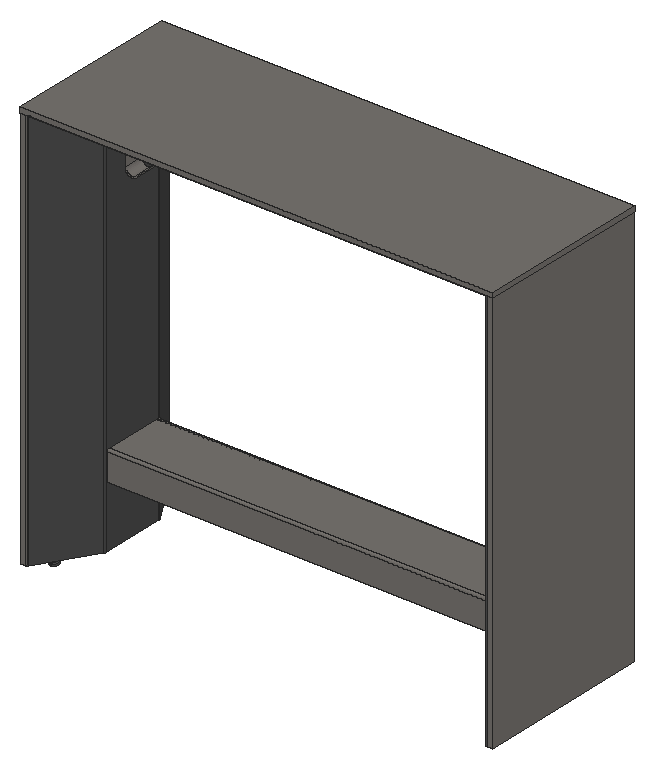
Revit family "revitupgrade", category Furniture, Revit 2018
Family settings
  Work Plane-Based = No
  Always vertical = Yes
  Cut with Voids When Loaded = No
  Shared = No
  Room Calculation Point = No
Parameters (values of type "48W")
  Width = 48.00"
  URL = "https://www.steelcase.com"
  Top [instance] = Steelcase - 25L6 Blackwood LPL
  Symbol Name = "TS4TPSTS48A,TS4TPSTS48A2,TS4TPSTS48A3"
  Style Number(s) = "TS4TPSTS48"
  Release Date = "April 2018"  # constant formula
  Receptacle = Steelcase - 6249 Platinum Solid
  Product Line = "Turnstone"  # constant formula
  Product = "Campfire"  # constant formula
  Power Cord = Steelcase - 6205 Black
  Opaque [instance] = yes
  Manufacturer = "Steelcase"  # constant formula
  Frame [instance] = Steelcase - 25L6 Blackwood LPL
  Description = ""
  Copyright = "© 2010 Steelcase Inc."  # constant formula
  AutoCAD Tag = "48"
  Authoring Version = "Revit 2016"  # constant formula
  Assembly Code = "E2020200"
Types (2): name | Width | Symbol Name | Style Number(s) | AutoCAD Tag
  60W | 60.00" | "TS4TPSTS60A5,TS4TPSTS60A6,TS4TPSTS60A4" | "TS4TPSTS60" | "60"
  48W | 48.00" | "TS4TPSTS48A,TS4TPSTS48A2,TS4TPSTS48A3" | "TS4TPSTS48" | "48"
Reference planes (in)
  plane 1 "Center Front/Back": y = 0
  plane 2 "Bottom": z = 0
  plane 3 "Center Left/Right": x = 0
  plane 4: x = 48
  plane 5: z = 0.3189
  plane 6: y = -0.0395
  plane 7: y = -17.96063
  plane 8: y = -17.99999
  plane 9: x = 0.07855
  plane 10: x = 47.92143
  plane 11: x = 47.40648
  plane 12: x = 0.59351
  plane 13: x = 0.77099
  plane 14: through (0, -14.08785, 38.93183) normal (0, -0.5323, -0.8465)
  plane 15: through (0, -0.97067, 40.78146) normal (0, -0.5323, 0.8465)
  plane 16: y = -9
  plane 17: x = 4.22243
  plane 18: x = 43.77769
  plane 19: x = 24
Forms (in)
  Extrusion 1, solid, material "Steelcase - 25L6 Blackwood LPL" <- "Top"
    sketch origin (0, 0, 0) x (1, 0, 0) y (0, 1, 0)
      loop
        line (0, -0.0395) -> (0, -17.99999) -> (48, -17.99999) -> (48, -0.0395) -> (0, -0.0395)
    from 41.46425 to 41.97725
  Extrusion 2, solid, material "Steelcase - 25L6 Blackwood LPL" <- "Frame"
    sketch origin (0, 0, 0) x (1, 0, 0) y (0, 0, 1)
      loop
        line (0.07855, 41.46425) -> (0.07855, 0.49497) -> (0.59351, 0.49497) -> (0.59351, 41.46425) -> (0.07855, 41.46425)
      loop
        line (47.40648, 41.46425) -> (47.40648, 0.49497) -> (47.92143, 0.49497) -> (47.92143, 41.46425) -> (47.40648, 41.46425)
    from 0.0395 to 17.96063
  Extrusion 3, solid, material "Steelcase - 6205 Black" <- "Power Cord"
    sketch origin (66, 0, 0) x (-1, 0, 0) y (0, -1, 0)
      loop
        line (18.59352, 17.82528) -> (18.59352, 0.17703)
        arc (18.59352, 0.17703) -> (18.67384, 0.06783) -> (18.80201, 0.11197) r 0.11439
        line (18.80201, 0.11197) -> (22.1626, 5.49014)
        arc (22.1626, 5.49014) -> (22.20708, 5.59007) -> (22.22231, 5.69838) r 0.39298
        line (22.22231, 5.69838) -> (22.22231, 12.29793)
        arc (22.22231, 12.29793) -> (22.20659, 12.40978) -> (22.16065, 12.51296) r 0.40578
        line (22.16065, 12.51296) -> (18.79981, 17.89153)
        arc (18.79981, 17.89153) -> (18.67251, 17.93361) -> (18.59352, 17.82528) r 0.11378
    from 0.49497 to 41.46425
  Extrusion 4, solid, material "Steelcase - 6205 Black" <- "Power Cord"
    sketch origin (0, 0, 0) x (0, 1, 0) y (0, 0, 1)
      loop
        line (-5.46283, 37.95673) -> (-0.24075, 41.24044)
        arc (-0.24075, 41.24044) -> (-0.18881, 41.37662) -> (-0.30527, 41.46425) r 0.1212
        line (-0.30527, 41.46425) -> (-17.6872, 41.46425)
        arc (-17.6872, 41.46425) -> (-17.80574, 41.37505) -> (-17.75287, 41.23644) r 0.12337
        line (-17.75287, 41.23644) -> (-12.53716, 37.95673)
        arc (-12.53716, 37.95673) -> (-12.4095, 37.89956) -> (-12.271, 37.88) r 0.5
        line (-12.271, 37.88) -> (-5.72899, 37.88)
        arc (-5.72899, 37.88) -> (-5.59049, 37.89956) -> (-5.46283, 37.95673) r 0.5
    from 0.59351 to 47.40648
  Extrusion 5, solid, material "Steelcase - 25L6 Blackwood LPL" <- "Frame"
    sketch origin (0, 0, 0) x (0, 1, 0) y (0, 0, 1)
      loop
        arc (-5.93237, 9.74631) -> (-5.83589, 9.70634) -> (-5.79592, 9.60986) r 0.13645
        line (-5.79592, 9.60986) -> (-5.79592, 6.84929) -> (-5.69293, 6.84929) -> (-5.69293, 9.61591)
        arc (-5.69293, 9.61591) -> (-5.76128, 9.78094) -> (-5.92631, 9.84929) r 0.23339
        line (-5.92631, 9.84929) -> (-12.07776, 9.84929)
        arc (-12.07776, 9.84929) -> (-12.23993, 9.78212) -> (-12.30711, 9.61995) r 0.22935
        line (-12.30711, 9.61995) -> (-12.30711, 6.85081) -> (-12.20411, 6.85081) -> (-12.20411, 9.61509)
        arc (-12.20411, 9.61509) -> (-12.16568, 9.70788) -> (-12.07289, 9.74631) r 0.13122
        line (-12.07289, 9.74631) -> (-5.93237, 9.74631)
    from 4.22243 to 43.77769
  Extrusion 6, solid, material "Steelcase - 6205 Black" <- "Power Cord"
    sketch origin (-6, 0, 0) x (1, 0, 0) y (0, 1, 0)
      loop
        arc (6.59351, -17.82528) -> (6.67255, -17.93363) -> (6.79986, -17.89144) r 0.11378
        line (6.79986, -17.89144) -> (10.16077, -12.51277)
        arc (10.16077, -12.51277) -> (10.20671, -12.40959) -> (10.22243, -12.29774) r 0.40578
        line (10.22243, -12.29774) -> (10.22243, -5.69857)
        arc (10.22243, -5.69857) -> (10.2072, -5.59026) -> (10.16271, -5.49033) r 0.39298
        line (10.16271, -5.49033) -> (6.80208, -0.11209)
        arc (6.80208, -0.11209) -> (6.6739, -0.06781) -> (6.59351, -0.17703) r 0.11439
        line (6.59351, -0.17703) -> (6.59351, -17.82528)
    from 0.49497 to 41.46425
  Extrusion 7, solid, material "Steelcase - 25L6 Blackwood LPL" <- "Frame"
    sketch origin (0, 0, 0) x (1, 0, 0) y (0, 0, 1)
      loop
        line (4.2975, 36.63669) -> (4.22243, 36.63669) -> (4.22243, 34.55698)
        arc (4.22243, 34.55698) -> (4.69147, 33.86159) -> (5.51193, 34.03598) r 0.75
        line (5.51193, 34.03598) -> (6.62404, 35.1876) -> (6.57224, 35.23939) -> (5.4602, 34.08784)
        arc (5.4602, 34.08784) -> (4.72042, 33.93059) -> (4.2975, 34.5576) r 0.67625
        line (4.2975, 34.5576) -> (4.2975, 36.63669)
    from 7.99996 to 9.99998
  Extrusion 8, solid, material "Steelcase - 25L6 Blackwood LPL" <- "Frame"
    sketch origin (48, 0, 0) x (-1, 0, 0) y (0, 0, -1)
      loop
        line (4.2975, -36.63669) -> (4.2975, -34.5576)
        arc (4.2975, -34.5576) -> (4.72042, -33.93059) -> (5.4602, -34.08784) r 0.67625
        line (5.4602, -34.08784) -> (6.57224, -35.23939) -> (6.62404, -35.1876) -> (5.51181, -34.03586)
        arc (5.51181, -34.03586) -> (4.69135, -33.86146) -> (4.22231, -34.55685) r 0.75
        line (4.22231, -34.55685) -> (4.22231, -36.63669) -> (4.2975, -36.63669)
    from 7.99996 to 9.99998
  Extrusion 9, void
    sketch origin (-0.15625, 0, 0) x (1, 0, 0) y (0, 1, 0)
      loop
        line (5.26271, -7.97571) -> (6.26611, -8.10659)
        arc (6.26611, -8.10659) -> (6.44211, -8.20789) -> (6.53029, -8.39082) r 0.34391
        line (6.53029, -8.39082) -> (6.53029, -9.60918)
        arc (6.53029, -9.60918) -> (6.43486, -9.79968) -> (6.24552, -9.89741) r 0.34391
        line (6.24552, -9.89741) -> (5.05829, -10.02138) -> (5.05829, -10.24996) -> (7.2102, -10.24996) -> (7.2102, -7.49996) -> (5.26271, -7.49996) -> (5.26271, -7.97571)
    from 20.31768 to 36.63669
  Extrusion 10, void
    sketch origin (48.15625, 0, 0) x (-1, 0, 0) y (0, -1, 0)
      loop
        line (5.26271, 7.97571) -> (5.26271, 7.49996) -> (7.2102, 7.49996) -> (7.2102, 10.24996) -> (5.05829, 10.24996) -> (5.05829, 10.02138) -> (6.24552, 9.89741)
        arc (6.24552, 9.89741) -> (6.43486, 9.79968) -> (6.53029, 9.60918) r 0.34391
        line (6.53029, 9.60918) -> (6.53029, 8.39082)
        arc (6.53029, 8.39082) -> (6.44211, 8.20789) -> (6.26611, 8.10659) r 0.34391
        line (6.26611, 8.10659) -> (5.26271, 7.97571)
    from 20.31768 to 36.63669
  Extrusion 11, solid, material "Steelcase - 6249 Platinum Solid" <- "Receptacle"
    sketch origin (0, -14.08785, 38.93183) x (0, -0.846544, 0.532319) y (-1, 0, 0)
      loop
        line (1.84584, -22.42039) -> (0.0962, -22.42039) -> (0.0962, -25.56436) -> (1.84584, -25.56436) -> (1.84584, -22.42039)
    from 0 to 0.06421
  Extrusion 12, solid, material "Steelcase - 6249 Platinum Solid" <- "Receptacle"
    sketch origin (0, -14.12203, 38.87747) x (0, -0.846544, 0.532319) y (-1, 0, 0)
      loop
        line (1.79268, -23.46387) -> (0.29268, -23.46387) -> (0.29268, -24.53613) -> (1.79268, -24.53613) -> (1.79268, -23.46387)
      loop
        line (1.59888, -23.68635) -> (0.80293, -23.68635) -> (0.80293, -23.81246) -> (1.59888, -23.81246) -> (1.59888, -23.68635)
      loop
        line (1.56539, -24.17851) -> (0.93407, -24.17851) -> (0.93407, -24.30135) -> (1.56539, -24.30135) -> (1.56539, -24.17851)
      loop
        line (1.00537, -23.88104) -> (0.6373, -23.88104) -> (0.6373, -24.12519) -> (1.00537, -24.12519) -> (1.00537, -23.88104)
    from 0 to 0.04
  Extrusion 13, solid, material "Steelcase - 6249 Platinum Solid" <- "Receptacle"
    sketch origin (0, -3.91214, 38.93183) x (0, 0.846544, 0.532319) y (1, 0, 0)
      loop
        line (1.84584, 22.42039) -> (1.84584, 25.56436) -> (0.0962, 25.56436) -> (0.0962, 22.42039) -> (1.84584, 22.42039)
    from 0 to 0.06421
  Extrusion 14, solid, material "Steelcase - 6249 Platinum Solid" <- "Receptacle"
    sketch origin (0, -3.87796, 38.87747) x (0, 0.846544, 0.532319) y (1, 0, 0)
      loop
        line (1.79268, 23.46387) -> (1.79268, 24.53613) -> (0.29268, 24.53613) -> (0.29268, 23.46387) -> (1.79268, 23.46387)
      loop
        line (1.59888, 23.68635) -> (1.59888, 23.81246) -> (0.80293, 23.81246) -> (0.80293, 23.68635) -> (1.59888, 23.68635)
      loop
        line (1.56539, 24.17851) -> (1.56539, 24.30135) -> (0.93407, 24.30135) -> (0.93407, 24.17851) -> (1.56539, 24.17851)
      loop
        line (1.00537, 23.88104) -> (1.00537, 24.12519) -> (0.6373, 24.12519) -> (0.6373, 23.88104) -> (1.00537, 23.88104)
    from 0 to 0.04
  Revolve 15, solid, material "Steelcase - 6205 Black"
    sketch origin (1.5598, -1.02049, 0) x (0, 1, 0) y (0, 0, 1)
      loop
        line (-1.38728, 1.44086) -> (-1.38728, 0) -> (-0.9493, 0) -> (-0.9493, 0.11883)
        arc (-0.9493, 0.11883) -> (-1.04963, 0.19109) -> (-1.088, 0.30864) r 0.19921
        line (-1.088, 0.30864) -> (-1.088, 0.44428) -> (-1.22845, 0.44428) -> (-1.22845, 1.40005) -> (-1.27149, 1.44086) -> (-1.38728, 1.44086)
      axis (-1.38728, 1.44086) -> (-1.38728, 0)
    angle from 0 to 360
  Revolve 16, solid, material "Steelcase - 6205 Black"
    sketch origin (1.5598, -16.9795, 0) x (0, -1, 0) y (0, 0, -1)
      loop
        line (-1.38728, -1.44086) -> (-1.27149, -1.44086) -> (-1.22845, -1.40005) -> (-1.22845, -0.44428) -> (-1.088, -0.44428) -> (-1.088, -0.30864)
        arc (-1.088, -0.30864) -> (-1.04963, -0.19109) -> (-0.9493, -0.11883) r 0.19921
        line (-0.9493, -0.11883) -> (-0.9493, 0) -> (-1.38728, 0) -> (-1.38728, -1.44086)
      axis (-1.38728, -1.44086) -> (-1.38728, 0)
    angle from 0 to 360
  Revolve 17, solid, material "Steelcase - 6205 Black"
    sketch origin (46.4402, -1.02049, 0) x (0, 1, 0) y (0, 0, -1)
      loop
        line (-1.38728, -1.44086) -> (-1.27149, -1.44086) -> (-1.22845, -1.40005) -> (-1.22845, -0.44428) -> (-1.088, -0.44428) -> (-1.088, -0.30864)
        arc (-1.088, -0.30864) -> (-1.04963, -0.19109) -> (-0.9493, -0.11883) r 0.19921
        line (-0.9493, -0.11883) -> (-0.9493, 0) -> (-1.38728, 0) -> (-1.38728, -1.44086)
      axis (-1.38728, -1.44086) -> (-1.38728, 0)
    angle from 0 to 360
  Revolve 18, solid, material "Steelcase - 6205 Black"
    sketch origin (46.4402, -16.9795, 0) x (0, -1, 0) y (0, 0, 1)
      loop
        line (-1.38728, 1.44086) -> (-1.38728, 0) -> (-0.9493, 0) -> (-0.9493, 0.11883)
        arc (-0.9493, 0.11883) -> (-1.04963, 0.19109) -> (-1.088, 0.30864) r 0.19921
        line (-1.088, 0.30864) -> (-1.088, 0.44428) -> (-1.22845, 0.44428) -> (-1.22845, 1.40005) -> (-1.27149, 1.44086) -> (-1.38728, 1.44086)
      axis (-1.38728, 1.44086) -> (-1.38728, 0)
    angle from 0 to 360
Cuts and joins
  Extrusion 9 cuts Extrusion 5
  Extrusion 9, Extrusion 10 cuts Extrusion 7
  Extrusion 10 cuts Extrusion 8
Lines and regions (in)
  Masking region 1, visible <- "Opaque"
    outline origin (0, 0, 0) x (1, 0, 0) y (0, 1, 0)
      loop
        line (48, 0) -> (0, 0) -> (0, -17.99999) -> (48, -17.99999) -> (48, 0)
  symbolic lines, style "Steelcase Furniture"
    curve 1: line (0, 0, 0) -> (48, 0, 0)
    curve 2: line (0, -17.99999, 0) -> (0, 0, 0)
    curve 3: line (48, -17.99999, 0) -> (0, -17.99999, 0)
    curve 4: line (48, 0, 0) -> (48, -17.99999, 0)
Dimensions and locks (in)
  locked: plane 5 to plane 2 "Bottom" at 0.3189
  plane 3 "Center Left/Right" to plane 9 to plane 12 to plane 13 to plane 17 = 0.07855" locked, 0.51496" locked, 0.17748" locked, 3.45144" locked
  plane 18 to plane 11 to plane 10 to plane 4 = 3.62879" locked, 0.51495" locked, 0.07857" locked
  equal spacing: plane 1 "Center Front/Back", plane 16, plane 8
  locked: plane 6 to plane 1 "Center Front/Back" at 0.0395
  locked: plane 8 to plane 7 at 0.03937
  "Width": plane 3 "Center Left/Right" to plane 4
  equal spacing: plane 3 "Center Left/Right", plane 19, plane 4
  locked: plane 18 to Extrusion 8 sketch curve at 0.07519
  locked: plane 16 to Extrusion 9 sketch curve at 1.50003
  locked: Extrusion 9 sketch curve to plane 16 at 1.24997
  plane 17 to Extrusion 9 sketch curve = 0.88403"
  Extrusion 11 sketch curve to plane 19 to Extrusion 11 sketch curve = 1.56436" locked, 1.57961" locked
  equal spacing: Extrusion 12 sketch curve, plane 19, Extrusion 12 sketch curve, locked at 0.53613 each
  Extrusion 12 sketch curve to Extrusion 12 sketch curve to plane 19 to Extrusion 12 sketch curve to Extrusion 12 sketch curve = 0.12284" locked, 0.17851" locked, 0.18754" locked, 0.12611" locked
  Extrusion 12 sketch curve to plane 19 to Extrusion 12 sketch curve = 0.12519" locked, 0.11896" locked
  Extrusion 13 sketch curve to Extrusion 13 sketch curve = 3.14397"
  Extrusion 14 sketch curve to Extrusion 14 sketch curve = 1.07225"
  Extrusion 14 sketch curve to Extrusion 14 sketch curve to Extrusion 14 sketch curve to Extrusion 14 sketch curve = 0.12611" locked, 0.36605", 0.12284" locked
  Extrusion 14 sketch curve to Extrusion 14 sketch curve = 0.24416"
  locked: Revolve 17 to plane 11 at 0.96628
  locked: Revolve 18 to plane 11 at 0.96628
  aligned and locked: level to plane 2 "Bottom"
  aligned and locked: Extrusion 1 to plane 6
  aligned and locked: plane 7 to Extrusion 2
  aligned and locked: plane 8 to Extrusion 1
  aligned and locked: Extrusion 2 to plane 7  (x2)
  aligned and locked: Extrusion 2 to plane 6
  aligned and locked: Extrusion 3 to plane 11
  aligned and locked: plane 11 to Extrusion 2
  aligned and locked: plane 12 to Extrusion 2
  aligned and locked: Extrusion 4 to plane 11
  aligned and locked: Extrusion 5 to plane 17
  aligned and locked: Extrusion 5 to plane 18
  aligned and locked: plane 18 to Extrusion 3 sketch curve
  aligned and locked: Extrusion 3 sketch curve to plane 11
  aligned and locked: plane 12 to Extrusion 6 sketch curve
  aligned and locked: Extrusion 6 sketch curve to plane 17
  aligned and locked: plane 18 to Extrusion 8 sketch curve
Automatic sketch dimensions
  curve 3 to plane 3 "Center Left/Right" = 0.00"
  curve 3 to plane 4 = 0.00"
  plane 8 to curve 3 = 0.00"
  plane 1 "Center Front/Back" to curve 2 = 0.00"
  Extrusion 1 sketch curve to plane 3 "Center Left/Right" = 0.00"
  Extrusion 1 sketch curve to plane 4 = 0.00"
  plane 8 to Extrusion 1 sketch curve = 0.00"
  plane 6 to Extrusion 1 sketch curve = 0.00"
  Extrusion 2 sketch curve to plane 9 = 0.00"
  Extrusion 2 sketch curve to plane 12 = 0.00"
  plane 11 to Extrusion 2 sketch curve = 0.00"
  plane 10 to Extrusion 2 sketch curve = 0.00"
  plane 5 to Extrusion 2 sketch curve = 0.17607"  (x2)
  Extrusion 2 sketch curve to Extrusion 2 sketch curve = 40.96928"  (x2)
  plane 1 "Center Front/Back" to Masking region 1 sketch curve = 0.00"
  Masking region 1 sketch curve to plane 3 "Center Left/Right" = 0.00"
  Masking region 1 sketch curve to plane 4 = 0.00"
  plane 8 to Masking region 1 sketch curve = 0.00"
  Extrusion 3 sketch curve to plane 11 = 0.11378"
  Extrusion 3 sketch curve to Extrusion 3 sketch curve = 0.11439"
  plane 7 to Extrusion 3 sketch curve = 0.0691"
  Extrusion 3 sketch curve to Extrusion 3 sketch curve = 0.09251"
  Extrusion 3 sketch curve to plane 6 = 0.07247"
  Extrusion 3 sketch curve to Extrusion 3 sketch curve = 0.09409"
  plane 18 to Extrusion 3 sketch curve = 0.40578"
  plane 18 to Extrusion 3 sketch curve = 0.39298"
  plane 18 to Extrusion 3 sketch curve = 0.06166"
  plane 18 to Extrusion 3 sketch curve = 0.05971"
  Extrusion 3 sketch curve to plane 16 = 3.51296"
  plane 16 to Extrusion 3 sketch curve = 3.30161"
  Extrusion 4 sketch curve to plane 14 = 0.00"
  plane 14 to Extrusion 4 sketch curve = 0.00"
  Extrusion 4 sketch curve to plane 15 = 0.00"
  plane 15 to Extrusion 4 sketch curve = 0.00"
  Extrusion 4 sketch curve to plane 7 = 0.20775"
  Extrusion 4 sketch curve to Extrusion 4 sketch curve = 0.06567"
  plane 16 to Extrusion 4 sketch curve = 3.53716"
  Extrusion 4 sketch curve to Extrusion 4 sketch curve = 0.26616"  (x2)
  Extrusion 4 sketch curve to plane 16 = 3.27101"
  plane 6 to Extrusion 4 sketch curve = 0.26577"
  Extrusion 4 sketch curve to Extrusion 4 sketch curve = 0.06452"
  Extrusion 4 sketch curve to Extrusion 4 sketch curve = 0.07673"
  Extrusion 4 sketch curve to Extrusion 4 sketch curve = 0.10444"
  plane 16 to Extrusion 5 sketch curve = 3.30711"
  Extrusion 5 sketch curve to Extrusion 5 sketch curve = 0.103"  (x2)
  Extrusion 5 sketch curve to Extrusion 5 sketch curve = 0.12635"
  Extrusion 5 sketch curve to Extrusion 5 sketch curve = 0.00487"
  Extrusion 5 sketch curve to plane 16 = 3.06762"
  Extrusion 5 sketch curve to Extrusion 5 sketch curve = 0.00606"
  Extrusion 5 sketch curve to Extrusion 5 sketch curve = 0.13039"
  plane 5 to Extrusion 5 sketch curve = 6.53039"
  Extrusion 5 sketch curve to Extrusion 5 sketch curve = 0.00151"
  Extrusion 5 sketch curve to Extrusion 5 sketch curve = 2.76056"
  Extrusion 5 sketch curve to Extrusion 5 sketch curve = 0.00605"
  Extrusion 6 sketch curve to plane 13 = 0.06369"
  Extrusion 6 sketch curve to plane 13 = 0.06308"
  plane 13 to Extrusion 6 sketch curve = 0.02887"
  plane 13 to Extrusion 6 sketch curve = 0.03109"
  Extrusion 6 sketch curve to plane 17 = 0.40578"
  Extrusion 6 sketch curve to Extrusion 6 sketch curve = 0.39298"
  Extrusion 6 sketch curve to plane 17 = 0.06166"
  Extrusion 6 sketch curve to plane 17 = 0.05971"
  Extrusion 6 sketch curve to plane 7 = 0.06918"
  plane 16 to Extrusion 6 sketch curve = 3.51277"
  Extrusion 6 sketch curve to plane 16 = 3.30142"
  plane 6 to Extrusion 6 sketch curve = 0.13753"
  Extrusion 7 sketch curve to plane 17 = 0.00"
  Extrusion 7 sketch curve to Extrusion 7 sketch curve = 0.07507"
  Extrusion 7 sketch curve to Extrusion 7 sketch curve = 0.67493"
  Extrusion 7 sketch curve to Extrusion 7 sketch curve = 0.00132"
  Extrusion 7 sketch curve to Extrusion 7 sketch curve = 0.48645"
  Extrusion 7 sketch curve to Extrusion 7 sketch curve = 0.05173"
  Extrusion 7 sketch curve to Extrusion 7 sketch curve = 1.11204"
  Extrusion 7 sketch curve to Extrusion 7 sketch curve = 0.05179"  (x2)
  plane 5 to Extrusion 7 sketch curve = 33.71708"
  Extrusion 7 sketch curve to Extrusion 7 sketch curve = 0.05186"
  Extrusion 7 sketch curve to Extrusion 7 sketch curve = 1.15162"
  Extrusion 7 sketch curve to Extrusion 7 sketch curve = 2.07971"
  Extrusion 8 sketch curve to Extrusion 8 sketch curve = 0.67481"
  Extrusion 8 sketch curve to Extrusion 8 sketch curve = 0.00144"
  Extrusion 8 sketch curve to Extrusion 8 sketch curve = 0.48645"
  Extrusion 8 sketch curve to Extrusion 8 sketch curve = 0.05161"
  Extrusion 8 sketch curve to Extrusion 8 sketch curve = 1.11204"
  Extrusion 8 sketch curve to Extrusion 8 sketch curve = 0.05179"  (x2)
  Extrusion 8 sketch curve to plane 5 = 33.71696"
  Extrusion 8 sketch curve to Extrusion 8 sketch curve = 0.05198"
  Extrusion 8 sketch curve to Extrusion 8 sketch curve = 1.15174"
  Extrusion 8 sketch curve to Extrusion 8 sketch curve = 2.07984"
  plane 17 to Extrusion 9 sketch curve = 0.67962"
  plane 16 to Extrusion 9 sketch curve = 0.55797"
  Extrusion 9 sketch curve to Extrusion 9 sketch curve = 1.13191"
  Extrusion 9 sketch curve to Extrusion 9 sketch curve = 0.9275"
  plane 16 to Extrusion 9 sketch curve = 0.89741"
  Extrusion 9 sketch curve to Extrusion 9 sketch curve = 0.05531"
  Extrusion 9 sketch curve to plane 16 = 0.89341"
  Extrusion 9 sketch curve to Extrusion 9 sketch curve = 0.0759"
  Extrusion 9 sketch curve to Extrusion 9 sketch curve = 0.34008"
  Extrusion 9 sketch curve to Extrusion 9 sketch curve = 0.67991"
  Extrusion 9 sketch curve to Extrusion 9 sketch curve = 0.22859"
  Extrusion 9 sketch curve to Extrusion 9 sketch curve = 0.33543"
  Extrusion 9 sketch curve to Extrusion 9 sketch curve = 0.47575"
  Extrusion 10 sketch curve to plane 18 = 0.67974"
  Extrusion 10 sketch curve to plane 18 = 0.88415"
  Extrusion 10 sketch curve to plane 16 = 0.55797"
  Extrusion 10 sketch curve to Extrusion 10 sketch curve = 1.13191"
  Extrusion 10 sketch curve to Extrusion 10 sketch curve = 0.9275"
  Extrusion 10 sketch curve to plane 16 = 0.89741"
  Extrusion 10 sketch curve to Extrusion 10 sketch curve = 0.05531"
  plane 16 to Extrusion 10 sketch curve = 0.89341"
  Extrusion 10 sketch curve to Extrusion 10 sketch curve = 0.0759"
  Extrusion 10 sketch curve to Extrusion 10 sketch curve = 0.34008"
  Extrusion 10 sketch curve to Extrusion 10 sketch curve = 0.67991"
  Extrusion 10 sketch curve to plane 16 = 1.02138"
  Extrusion 10 sketch curve to Extrusion 10 sketch curve = 0.22859"
  Extrusion 10 sketch curve to Extrusion 10 sketch curve = 0.33543"
  Extrusion 10 sketch curve to Extrusion 10 sketch curve = 0.13088"
  Extrusion 10 sketch curve to Extrusion 10 sketch curve = 0.47575"
  Extrusion 11 sketch curve to Extrusion 11 sketch curve = 1.74964"
  Extrusion 12 sketch curve to Extrusion 11 = 0.19648"
  Extrusion 12 sketch curve to Extrusion 12 sketch curve = 0.34461"
  Extrusion 12 sketch curve to Extrusion 12 sketch curve = 0.16563"
  Extrusion 12 sketch curve to Extrusion 12 sketch curve = 0.29678"
  Extrusion 12 sketch curve to Extrusion 12 sketch curve = 0.20244"
  Extrusion 12 sketch curve to Extrusion 11 = 0.28045"
  Extrusion 12 sketch curve to Extrusion 11 = 0.24696"
  Extrusion 12 sketch curve to Extrusion 11 = 0.05316"
  Extrusion 12 sketch curve to Extrusion 12 sketch curve = 0.41093"
  plane 19 to Extrusion 13 sketch curve = 1.57961"
  Extrusion 13 sketch curve to Extrusion 13 sketch curve = 1.74964"
  Extrusion 14 sketch curve to Extrusion 13 = 0.19648"
  Extrusion 14 sketch curve to Extrusion 14 sketch curve = 0.34461"
  Extrusion 14 sketch curve to Extrusion 14 sketch curve = 0.16563"
  Extrusion 14 sketch curve to Extrusion 14 sketch curve = 0.29678"
  Extrusion 14 sketch curve to Extrusion 14 sketch curve = 0.20244"
  Extrusion 14 sketch curve to Extrusion 13 = 0.28045"
  Extrusion 14 sketch curve to Extrusion 13 = 0.24696"
  Extrusion 14 sketch curve to Extrusion 13 = 0.05316"
  Extrusion 14 sketch curve to Extrusion 13 = 1.04348"
  Extrusion 14 sketch curve to Extrusion 14 sketch curve = 0.22248"
  Extrusion 14 sketch curve to Extrusion 14 sketch curve = 0.06858"
  Extrusion 14 sketch curve to Extrusion 14 sketch curve = 0.41093"
  level to Revolve 15 sketch curve = 0.00"
  plane 5 to Revolve 15 sketch curve = 1.12196"
  plane 6 to Revolve 15 sketch curve = 2.36826"
  Revolve 15 sketch curve to Revolve 15 sketch curve = 0.11579"
  plane 5 to Revolve 15 sketch curve = 1.08115"
  Revolve 15 sketch curve to Revolve 15 sketch curve = 0.04304"
  Revolve 15 sketch curve to Revolve 15 sketch curve = 0.14045"
  Revolve 15 sketch curve to Revolve 15 sketch curve = 0.13871"
  Revolve 15 sketch curve to plane 5 = 0.01026"
  Revolve 15 sketch curve to Revolve 15 sketch curve = 0.06051"
  plane 5 to Revolve 15 sketch curve = 0.12538"
  Revolve 15 sketch curve to Revolve 15 sketch curve = 0.00"  (x2)
  Revolve 15 sketch curve to Revolve 15 sketch curve = 0.14577"
  level to Revolve 16 sketch curve = 0.00"
  plane 5 to Revolve 16 sketch curve = 1.12196"
  Revolve 16 sketch curve to plane 7 = 2.3684"
  Revolve 16 sketch curve to Revolve 16 sketch curve = 0.11579"
  plane 5 to Revolve 16 sketch curve = 1.08115"
  Revolve 16 sketch curve to Revolve 16 sketch curve = 0.04304"
  Revolve 16 sketch curve to Revolve 16 sketch curve = 0.14045"
  Revolve 16 sketch curve to Revolve 16 sketch curve = 0.13871"
  Revolve 16 sketch curve to plane 5 = 0.01026"
  Revolve 16 sketch curve to Revolve 16 sketch curve = 0.19921"
  plane 5 to Revolve 16 sketch curve = 0.12538"
  Revolve 16 sketch curve to Revolve 16 sketch curve = 0.00"  (x2)
  Revolve 16 sketch curve to Revolve 16 sketch curve = 0.14577"
  Revolve 17 sketch curve to level = 0.00"
  plane 5 to Revolve 17 sketch curve = 1.12196"
  plane 6 to Revolve 17 sketch curve = 2.36826"
  Revolve 17 sketch curve to Revolve 17 sketch curve = 0.11579"
  plane 5 to Revolve 17 sketch curve = 1.08115"
  Revolve 17 sketch curve to Revolve 17 sketch curve = 0.04304"
  Revolve 17 sketch curve to Revolve 17 sketch curve = 0.14045"
  Revolve 17 sketch curve to Revolve 17 sketch curve = 0.13871"
  Revolve 17 sketch curve to plane 5 = 0.01026"
  Revolve 17 sketch curve to Revolve 17 sketch curve = 0.19921"
  plane 5 to Revolve 17 sketch curve = 0.12538"
  Revolve 17 sketch curve to Revolve 17 sketch curve = 0.00"  (x2)
  Revolve 17 sketch curve to Revolve 17 sketch curve = 0.14577"
  Revolve 18 sketch curve to level = 0.00"
  plane 5 to Revolve 18 sketch curve = 1.12196"
  Revolve 18 sketch curve to plane 7 = 2.3684"
  Revolve 18 sketch curve to Revolve 18 sketch curve = 0.11579"
  plane 5 to Revolve 18 sketch curve = 1.08115"
  Revolve 18 sketch curve to Revolve 18 sketch curve = 0.04304"
  Revolve 18 sketch curve to Revolve 18 sketch curve = 0.14045"
  Revolve 18 sketch curve to Revolve 18 sketch curve = 0.13871"
  Revolve 18 sketch curve to plane 5 = 0.01026"
  Revolve 18 sketch curve to Revolve 18 sketch curve = 0.19921"
  plane 5 to Revolve 18 sketch curve = 0.12538"
  Revolve 18 sketch curve to Revolve 18 sketch curve = 0.00"  (x2)
  Revolve 18 sketch curve to Revolve 18 sketch curve = 0.14577"
